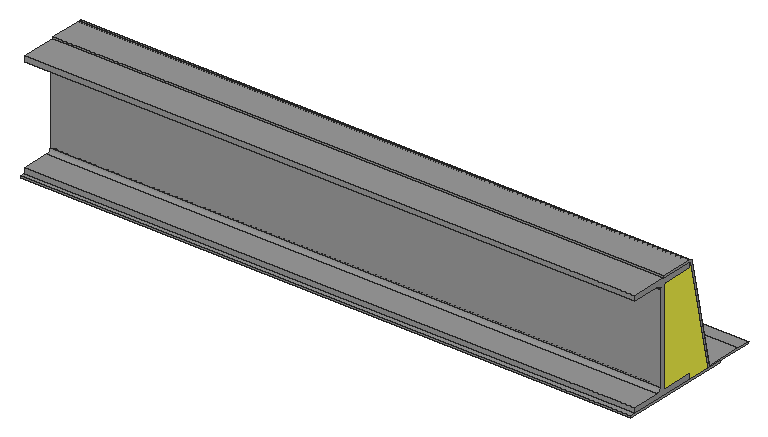
Revit family "XK 50 WIL", category Generic Models, Revit 2014
Parameters (values of type "Max lintel length 6600mm")
  URL = "http://www.keystonelintels.co.uk"
  Structural Opening [instance] = 900 mm
  Structural Performance = "The Keystone lintel range has safe working loads as detailed in each applicable loading table in the Keystone Lintel Guide brochure. The structural performance figures within each table have been ascertained by testing in accordance with the requirements of standards BS EN 5977-2: 1983 and BS EN 845-2: 2003."
  RIBA Productor Selector = "available for Keystone Lintels Ltd from Keystone Lintels Ltd from ribaproductselector.com"
  Model = "X/K 50 WIL"
  Min Length = 600 mm
  Min Clear Span = 300 mm
  Max Length = 6600 mm
  Max Clear Span = 6600 mm
  Material - Stainless Steel = "Grade 304 2b 1.4307 to BS EN 10088-2. Other grades available on request: contact manufacturer."
  Material - Galvanised Steel = "To BS EN 10346: 2009. DX51D plus Z600 or grade Z275 to BS 5977-2: 1983 (BS EN 845-2: 2003)."
  Manufacturer = "Keystone"
  Manufactured Length [instance] = (roundup(Effective Length / 150 mm) * 150 mm)  # 1200 mm
  Lintel height [instance] = 2100 mm
  Keynote = "F30/755"
  Fire Performance = "Keystone lintels have been subjected to a fire test (WARRES No. 101263) in accordance with BS 476-20: 1987, at Exova Warrington Fire and achieved a one hour fire performance."
  End Bearing = 150 mm
  Effective Length [instance] = Clear Opening with MIN MAX set + End Bearing * 2  # 1200 mm
  Corrosion = "Keystone’s standard range of lintels are manufactured from high quality grade pre-galvanized carbon steel with a zinc coating of 600"
  Contact Tel = "+44 (0)28 8676 2184"
  Contact Email = "info@keystonelintels.co.uk"
  Clear Opening with MIN MAX set [instance] = if(Structural Opening < Min Clear Span, Min Clear Span, (if(Structural Opening > Max Clear Span, Max Clear Span, Structural Opening)))  # 900 mm
  CPD Information = "Available for Keystone Lintels Ltd from ribacpd.com"
Reference planes
  plane 1 "Center (Front/Back)": y = 0
  plane 2: z = 0
  plane 3 "Center (Left/Right)": x = 0
  plane 4: x = -600
  plane 5: x = 600
  plane 6: z = 2100
  plane 7: x = -450
  plane 8: x = 450
Forms (mm)
  Extrusion 1, solid, material "Steel"
    sketch origin (0, 692.979, -506.841) x (0, 1, 0) y (0, 0, 1)
      loop
        line (-597.575, 2606.841) -> (-572.589, 2605.979) -> (-572.534, 2609.179) -> (-597.519, 2610.041) -> (-667.508, 2610.041)
        arc (-667.508, 2610.041) -> (-668.65, 2610.449) -> (-669.273, 2611.489) r 1.8
        line (-669.273, 2611.489) -> (-710.409, 2812.659)
        arc (-710.409, 2812.659) -> (-712.211, 2815.662) -> (-715.508, 2816.841) r 5.2
        line (-715.508, 2816.841) -> (-780.482, 2816.841) -> (-780.482, 2813.641) -> (-715.508, 2813.641)
        arc (-715.508, 2813.641) -> (-714.248, 2813.194) -> (-713.551, 2812.054) r 2
        line (-713.551, 2812.054) -> (-672.407, 2610.839)
        arc (-672.407, 2610.839) -> (-670.67, 2607.968) -> (-667.508, 2606.841) r 5
        line (-667.508, 2606.841) -> (-597.575, 2606.841)
    from -600 to 600
  Extrusion 2, solid, material "Steel"
    sketch origin (0, 692.979, -506.841) x (0, 1, 0) y (0, 0, 1)
      loop
        line (-641.469, 2603.641) -> (-641.469, 2606.841) -> (-861.438, 2606.841) -> (-861.438, 2603.641) -> (-641.469, 2603.641)
    from -600 to 600
  Extrusion 3, solid, material "Steel"
    sketch origin (0, 692.979, -506.841) x (0, 1, 0) y (0, 0, 1)
      loop
        line (-717.538, 2606.841) -> (-717.538, 2616.441) -> (-773.688, 2616.441)
        arc (-773.688, 2616.441) -> (-779.062, 2618.667) -> (-781.288, 2624.041) r 7.6
        line (-781.288, 2624.041) -> (-781.288, 2796.441)
        arc (-781.288, 2796.441) -> (-779.062, 2801.815) -> (-773.688, 2804.041) r 7.6
        line (-773.688, 2804.041) -> (-717.538, 2804.041) -> (-717.538, 2813.641) -> (-851.438, 2813.641) -> (-851.438, 2804.041) -> (-795.288, 2804.041)
        arc (-795.288, 2804.041) -> (-789.914, 2801.815) -> (-787.688, 2796.441) r 7.6
        line (-787.688, 2796.441) -> (-787.688, 2624.041)
        arc (-787.688, 2624.041) -> (-789.914, 2618.667) -> (-795.288, 2616.441) r 7.6
        line (-795.288, 2616.441) -> (-851.438, 2616.441) -> (-851.438, 2606.841) -> (-717.538, 2606.841)
    from -600 to 600
  Extrusion 4, solid, material "Insulation"
    sketch origin (0, 692.979, -506.841) x (0, 1, 0) y (0, 0, 1)
      loop
        arc (-667.508, 2606.841) -> (-670.67, 2607.968) -> (-672.407, 2610.839) r 5
        line (-672.407, 2610.839) -> (-713.551, 2812.054)
        arc (-713.551, 2812.054) -> (-714.248, 2813.194) -> (-715.508, 2813.641) r 2
        line (-715.508, 2813.641) -> (-717.538, 2813.641) -> (-717.538, 2804.041) -> (-773.688, 2804.041)
        arc (-773.688, 2804.041) -> (-779.062, 2801.815) -> (-781.288, 2796.441) r 7.6
        line (-781.288, 2796.441) -> (-781.288, 2624.041)
        arc (-781.288, 2624.041) -> (-779.062, 2618.667) -> (-773.688, 2616.441) r 7.6
        line (-773.688, 2616.441) -> (-717.538, 2616.441) -> (-717.538, 2606.841) -> (-667.508, 2606.841)
    from -600 to 600
  Extrusion 5, solid, not visible
    sketch origin (0, 923.477, 1226.019) x (0, 1, 0) y (0, 0, 1)
      loop
        line (-597.575, 1006.841) -> (-572.589, 1005.979) -> (-572.534, 1009.179) -> (-597.519, 1010.041) -> (-667.508, 1010.041)
        arc (-667.508, 1010.041) -> (-668.65, 1010.449) -> (-669.273, 1011.489) r 1.8
        line (-669.273, 1011.489) -> (-710.409, 1212.659)
        arc (-710.409, 1212.659) -> (-712.211, 1215.662) -> (-715.508, 1216.841) r 5.2
        line (-715.508, 1216.841) -> (-780.482, 1216.841) -> (-780.482, 1213.641) -> (-715.508, 1213.641)
        arc (-715.508, 1213.641) -> (-714.248, 1213.194) -> (-713.551, 1212.054) r 2
        line (-713.551, 1212.054) -> (-672.407, 1010.839)
        arc (-672.407, 1010.839) -> (-670.67, 1007.968) -> (-667.508, 1006.841) r 5
        line (-667.508, 1006.841) -> (-597.575, 1006.841)
    from 0 to 250
  Extrusion 6, solid, not visible
    sketch origin (0, 635.081, 1299.968) x (0, 1, 0) y (0, 0, 1)
      loop
        line (-717.538, 1006.841) -> (-717.538, 1016.441) -> (-773.688, 1016.441)
        arc (-773.688, 1016.441) -> (-779.062, 1018.667) -> (-781.288, 1024.041) r 7.6
        line (-781.288, 1024.041) -> (-781.288, 1196.441)
        arc (-781.288, 1196.441) -> (-779.062, 1201.815) -> (-773.688, 1204.041) r 7.6
        line (-773.688, 1204.041) -> (-717.538, 1204.041) -> (-717.538, 1213.641) -> (-851.438, 1213.641) -> (-851.438, 1204.041) -> (-795.288, 1204.041)
        arc (-795.288, 1204.041) -> (-789.914, 1201.815) -> (-787.688, 1196.441) r 7.6
        line (-787.688, 1196.441) -> (-787.688, 1024.041)
        arc (-787.688, 1024.041) -> (-789.914, 1018.667) -> (-795.288, 1016.441) r 7.6
        line (-795.288, 1016.441) -> (-851.438, 1016.441) -> (-851.438, 1006.841) -> (-717.538, 1006.841)
    from 0 to 250
  Extrusion 7, solid, not visible
    sketch origin (0, 1047.191, 934.938) x (0, 1, 0) y (0, 0, 1)
      loop
        line (-641.469, 1003.641) -> (-641.469, 1006.841) -> (-861.438, 1006.841) -> (-861.438, 1003.641) -> (-641.469, 1003.641)
    from 0 to 250
  Extrusion 8, solid, not visible
    sketch origin (0, 563.222, 793.53) x (0, 1, 0) y (0, 0, 1)
      loop
        arc (-667.508, 1006.841) -> (-670.67, 1007.968) -> (-672.407, 1010.839) r 5
        line (-672.407, 1010.839) -> (-713.551, 1212.054)
        arc (-713.551, 1212.054) -> (-714.248, 1213.194) -> (-715.508, 1213.641) r 2
        line (-715.508, 1213.641) -> (-717.538, 1213.641) -> (-717.538, 1204.041) -> (-773.688, 1204.041)
        arc (-773.688, 1204.041) -> (-779.062, 1201.815) -> (-781.288, 1196.441) r 7.6
        line (-781.288, 1196.441) -> (-781.288, 1024.041)
        arc (-781.288, 1024.041) -> (-779.062, 1018.667) -> (-773.688, 1016.441) r 7.6
        line (-773.688, 1016.441) -> (-717.538, 1016.441) -> (-717.538, 1006.841) -> (-667.508, 1006.841)
    from 0 to 250
Dimensions and locks
  equal spacing: plane 4, plane 3 "Center (Left/Right)", plane 5
  "Manufactured Length": plane 4 to plane 5
  "Lintel height": plane 6 to level
  "Structural Opening": plane 7 to plane 8
  equal spacing: plane 7, plane 3 "Center (Left/Right)", plane 8
  aligned and locked: level to plane 2
  aligned and locked: Extrusion 1 to plane 6  (x2)
  aligned and locked: Extrusion 4 to plane 6
  aligned and locked: Extrusion 3 to plane 6
  aligned and locked: plane 6 to Extrusion 2
  aligned and locked: plane 5 to Extrusion 3
  aligned and locked: Extrusion 3 to plane 4
  aligned and locked: plane 5 to Extrusion 2
  aligned and locked: Extrusion 2 to plane 4
  aligned and locked: plane 5 to Extrusion 1
  aligned and locked: Extrusion 1 to plane 4
  aligned and locked: plane 5 to Extrusion 4
  aligned and locked: Extrusion 4 to plane 4
Automatic sketch dimensions
  Extrusion 1 sketch curve to Extrusion 1 sketch curve = 24.985 mm
  Extrusion 1 sketch curve to Extrusion 1 sketch curve = 0.055 mm  (x2)
  Extrusion 1 sketch curve to Extrusion 1 sketch curve = 0.862 mm
  Extrusion 1 sketch curve to Extrusion 1 sketch curve = 3.2 mm  (x2)
  Extrusion 1 sketch curve to Extrusion 1 sketch curve = 69.933 mm
  Extrusion 1 sketch curve to Extrusion 1 sketch curve = 0 mm  (x4)
  Extrusion 1 sketch curve to Extrusion 1 sketch curve = 1.8 mm
  Extrusion 1 sketch curve to Extrusion 1 sketch curve = 4.899 mm
  Extrusion 1 sketch curve to Extrusion 1 sketch curve = 1.765 mm
  Extrusion 1 sketch curve to Extrusion 1 sketch curve = 41.136 mm
  Extrusion 1 sketch curve to Extrusion 1 sketch curve = 201.17 mm
  Extrusion 1 sketch curve to Extrusion 1 sketch curve = 3.142 mm
  Extrusion 1 sketch curve to Extrusion 1 sketch curve = 0.605 mm
  Extrusion 1 sketch curve to Extrusion 1 sketch curve = 1.957 mm
  Extrusion 1 sketch curve to Extrusion 1 sketch curve = 0.413 mm
  Extrusion 1 sketch curve to Extrusion 1 sketch curve = 64.974 mm
  Extrusion 2 sketch curve to Extrusion 2 sketch curve = 219.969 mm
  Extrusion 2 sketch curve to Extrusion 2 sketch curve = 3.2 mm
  Extrusion 3 sketch curve to Extrusion 3 sketch curve = 133.9 mm
  Extrusion 3 sketch curve to Extrusion 3 sketch curve = 9.6 mm  (x3)
  Extrusion 3 sketch curve to Extrusion 3 sketch curve = 56.15 mm  (x3)
  Extrusion 3 sketch curve to Extrusion 3 sketch curve = 7.6 mm  (x4)
  Extrusion 3 sketch curve to Extrusion 3 sketch curve = 14 mm
  Extrusion 3 sketch curve to Extrusion 3 sketch curve = 172.4 mm
  Extrusion 3 sketch curve to Extrusion 3 sketch curve = 0 mm
  Extrusion 4 sketch curve to Extrusion 4 sketch curve = 7.6 mm  (x3)
  Extrusion 4 sketch curve to Extrusion 4 sketch curve = 56.15 mm  (x2)
  Extrusion 4 sketch curve to Extrusion 4 sketch curve = 2.03 mm
  Extrusion 4 sketch curve to Extrusion 4 sketch curve = 1.957 mm
  Extrusion 4 sketch curve to Extrusion 4 sketch curve = 45.131 mm
  Extrusion 4 sketch curve to Extrusion 4 sketch curve = 3.998 mm
  Extrusion 4 sketch curve to Extrusion 4 sketch curve = 1.002 mm
  Extrusion 4 sketch curve to Extrusion 4 sketch curve = 9.6 mm
  Extrusion 4 sketch curve to Extrusion 4 sketch curve = 172.4 mm
  Extrusion 4 sketch curve to Extrusion 4 sketch curve = 0.413 mm
  Extrusion 5 sketch curve to Extrusion 5 sketch curve = 24.985 mm
  Extrusion 5 sketch curve to Extrusion 5 sketch curve = 0.055 mm  (x2)
  Extrusion 5 sketch curve to Extrusion 5 sketch curve = 0.862 mm
  Extrusion 5 sketch curve to Extrusion 5 sketch curve = 3.2 mm  (x2)
  Extrusion 5 sketch curve to Extrusion 5 sketch curve = 69.933 mm
  Extrusion 5 sketch curve to Extrusion 5 sketch curve = 0 mm  (x4)
  Extrusion 5 sketch curve to Extrusion 5 sketch curve = 1.8 mm
  Extrusion 5 sketch curve to Extrusion 5 sketch curve = 4.899 mm
  Extrusion 5 sketch curve to Extrusion 5 sketch curve = 1.765 mm
  Extrusion 5 sketch curve to Extrusion 5 sketch curve = 41.136 mm
  Extrusion 5 sketch curve to Extrusion 5 sketch curve = 201.17 mm
  Extrusion 5 sketch curve to Extrusion 5 sketch curve = 3.142 mm
  Extrusion 5 sketch curve to Extrusion 5 sketch curve = 0.605 mm
  Extrusion 5 sketch curve to Extrusion 5 sketch curve = 1.957 mm
  Extrusion 5 sketch curve to Extrusion 5 sketch curve = 0.413 mm
  Extrusion 5 sketch curve to Extrusion 5 sketch curve = 64.974 mm
  Extrusion 6 sketch curve to Extrusion 6 sketch curve = 133.9 mm
  Extrusion 6 sketch curve to Extrusion 6 sketch curve = 9.6 mm  (x3)
  Extrusion 6 sketch curve to Extrusion 6 sketch curve = 56.15 mm  (x3)
  Extrusion 6 sketch curve to Extrusion 6 sketch curve = 7.6 mm  (x4)
  Extrusion 6 sketch curve to Extrusion 6 sketch curve = 14 mm
  Extrusion 6 sketch curve to Extrusion 6 sketch curve = 172.4 mm
  Extrusion 6 sketch curve to Extrusion 6 sketch curve = 0 mm
  Extrusion 7 sketch curve to Extrusion 7 sketch curve = 219.969 mm
  Extrusion 7 sketch curve to Extrusion 7 sketch curve = 3.2 mm
  Extrusion 8 sketch curve to Extrusion 8 sketch curve = 7.6 mm  (x3)
  Extrusion 8 sketch curve to Extrusion 8 sketch curve = 56.15 mm  (x2)
  Extrusion 8 sketch curve to Extrusion 8 sketch curve = 2.03 mm
  Extrusion 8 sketch curve to Extrusion 8 sketch curve = 1.957 mm
  Extrusion 8 sketch curve to Extrusion 8 sketch curve = 45.131 mm
  Extrusion 8 sketch curve to Extrusion 8 sketch curve = 3.998 mm
  Extrusion 8 sketch curve to Extrusion 8 sketch curve = 1.002 mm
  Extrusion 8 sketch curve to Extrusion 8 sketch curve = 9.6 mm
  Extrusion 8 sketch curve to Extrusion 8 sketch curve = 172.4 mm
  Extrusion 8 sketch curve to Extrusion 8 sketch curve = 0.413 mm
  Extrusion 4 sketch curve to plane 6 = 0 mm
  plane 1 "Center (Front/Back)" to Extrusion 4 sketch curve = 88.309 mm
  Extrusion 3 sketch curve to plane 6 = 0 mm
  plane 1 "Center (Front/Back)" to Extrusion 3 sketch curve = 158.459 mm
  Extrusion 1 sketch curve to plane 6 = 0 mm
  plane 1 "Center (Front/Back)" to Extrusion 1 sketch curve = 87.503 mm
  Extrusion 2 sketch curve to plane 6 = 0 mm
  plane 1 "Center (Front/Back)" to Extrusion 2 sketch curve = 168.459 mm
